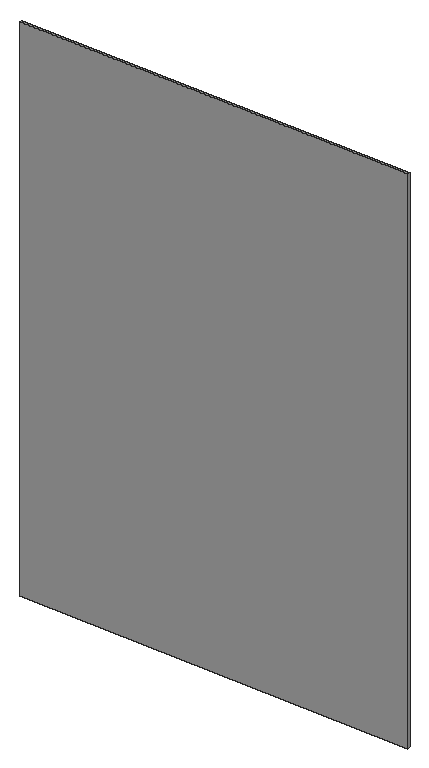
Revit family "Steni - Panel - Nature Type C Tumbled", category Generic Models, Revit 2012
Parameters (values of type "Steni - Panel - Nature Type C Tumbled")
  Youtube clip = ""
  Weight Net (kg) = "Apprx. 25 Kg/m²"
  Water Absorbtion After 28 days = "<1.5 %"
  Water Absorbtion After 24 Hrs = "0.5%"
  WarrantyStartDate = ""
  WarrantyDuration = ""
  Uniclass 2.0 Description = ""
  Uniclass 2.0 Code = ""
  Uniclass 1.4 Description = "Facades and roofs"
  Uniclass 1.4 Code = "L381"
  URL = "http://steni.bimobject.com/sn123"
  UNSPC code = 301518
  UNSPC Category = "Siding and exterior wall materials"
  TypeName = ""
  Type Of Aggregate = "SEE SPEC."
  Thickness 2 = "Apprx. 14 ,mm"
  Depth [instance] = 6 mm
  Tensile Strength = "15 N/mm²"
  Temperature Expansion (-20° +65°) = "0.026 mm/m°C"
  Technical description = "http://steni.com/pdf/brochures/steni_natureandimago_brochure.pdf"
  TagNumber = ""
  Standard Width = 1195 mm  # constant formula
  Standard Length = 3500 mm  # constant formula
  Size Of Aggregate Particle = "6-12mm"
  Size = ""
  SerialNumber = ""
  Rupture Factor Per M = "288 Nm/m"
  Riverse Side = "PLANE"
  Product identifier = ""
  Product group = "FS 100"
  Product family = "Steni Nature"
  Product data url = "http://steni.com/#/products/STENI%20NATURE"
  Product certification = ""
  Product SKU = "sc123"
  Penetration Of Water Vapour = "3,3 X 10-12 Kg/m²sPa"
  NominalWidth = "3500"
  NominalHeight = "1195"
  No Damage = "300 CYCLE"
  Name of the object = "Steni - Panel - Nature Type C Tumbled"
  NBS Reference Description = ""
  NBS Reference = ""
  Model = "Steni - Panel - Nature Type C Tumbled"
  Material main [instance] = Steni_Aluminum
  Material = ""
  Manufacturer country = "Norway"
  Manufacturer URL = "www.steni.com"
  Manufacturer = "Steni"
  InstallationDate = ""
  Installation instructions = "http://steni.com/#/products/STENI%20NATURE"
  Impermeability = "100%"
  Impact Strength = "20 KJ / m 2"
  IFC Classification = "Covering"
  Humidity Altered Dimension = "5.2 X 106 m/m x%RF"
  Height [instance] = 1195 mm
  Heat Resistance = "0.0074 m²°C/W"
  Heat Conductivity = "0.55 W/m°C"
  Hardness Of Aggregate = "SEE SPEC."
  Grade = ""
  Flexural Strength = "40 MPa"
  Finish = ""
  Features = ""
  Extidentifier = ""
  Elasticity Module = "5000 MPa"
  Edition number = "1"
  Edge Straightness Full Size = "1 mm"
  EAN code = ""
  Drilling Distance Tolerance = "± 5 mm"
  Diagonal Deviation = "3 mm"
  Design country = "Norway"
  Density = "Apprx. 2000 Kg/m³"
  Date of publishing = ""
  Created on = ""
  Created by = ""
  ConnectionType = ""
  Colour = ""
  COBIe Type Category = ""
  Bending Stiffness = "Nm²/m"
  Barcode = ""
  BIMobject QR code url = "http://steni.bimobject.com/sn123"
  BIMobject Category = "Cladding"
  AssetIdentifier = ""
  Article Number = ""
  Allowable Variation = "± 2 mm"
  AccessibilityPerformance = ""
  Width [instance] = 900 mm
Reference planes
  plane 1 "Center (Front/Back)": y = 0
  plane 2: z = 0
  plane 3 "Center (Left/Right)": x = 0
  plane 4: z = 1195
Forms (mm)
  Extrusion 1, solid, material "Steni_Aluminum" <- "Material main"
    sketch origin (0, 0, 0) x (1, 0, 0) y (0, 1, 0)
      loop
        line (0, -6) -> (900, -6) -> (900, 0) -> (0, 0) -> (0, -6)
    from 0 to 1195
Dimensions and locks
  "Depth": Extrusion 1 sketch curve to Extrusion 1 sketch curve
  "Width": Extrusion 1 sketch curve to Extrusion 1 sketch curve
  "Height": plane 4 to level
  aligned and locked: level to plane 2
  aligned and locked: Extrusion 1 to level
  aligned and locked: Extrusion 1 to plane 4
  aligned and locked: plane 3 "Center (Left/Right)" to Extrusion 1 sketch curve
  aligned and locked: plane 1 "Center (Front/Back)" to Extrusion 1 sketch curve
